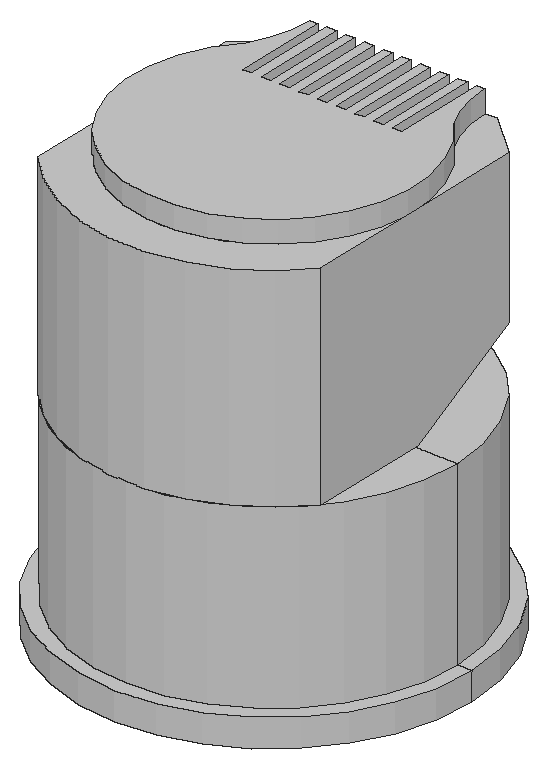
Revit family "LBLE3_SERIE IRON LEGO 03", category Luminarias, Revit 2019
Family settings
  Cota de conector redondo = Diámetro de uso
  Tipo de pieza = Normal
  Se basa en plano de trabajo = Sí
  Siempre vertical = Sí
  Corte con vacíos al cargar = No
  Origen de luz = Sí
  Compartido = No
  Punto de cálculo de habitación = No
Parameters (values of type "IRON LEGO 03_LBLE3 W18W24BCNY2RG")
  Ángulo de inclinación = 60.00°
  Ángulo de enfoque = 24.00°
  Ángulo de campo de foco = 24.00°
  Zone [instance] = ""
  Watt per fixture = 18
  Wattage = 18 W
  built-in parameter 1150107 = 3000 (stored number, unit not read)
  built-in parameter 1150110 = 1 (stored number, unit not read)
  built-in parameter 1150109 = 1 (stored number, unit not read)
  built-in parameter 1150112 = 1 (stored number, unit not read)
  built-in parameter 1150113 = 1 (stored number, unit not read)
  built-in parameter 1114218 = 1 (stored number, unit not read)
  Keynote = ""
  built-in parameter 1150137 = (empty or 0)
  built-in parameter 1150132 = (empty or 0)
  Modelo = "LBLE3 W18W24BCNY2RG"
  Lámpara = "Osram"
  Light Source Symbol Length = 3048 mm
  built-in parameter 1150105 = 17624.6 (stored number, unit not read)
  built-in parameter 1150102 = (empty or 0)
  built-in parameter 1150106 = 176.25 (stored number, unit not read)
  Lumens = 1747.8 lm
  Color Filter = 16777215
  built-in parameter 1114217 = 1 (stored number, unit not read)
  built-in parameter 1150139 = (empty or 0)
  Fabricante = "BRILLANT"
  Default Elevation = 1219.2 mm
  built-in parameter 1150104 = 9.0209 (stored number, unit not read)
  Descripción = "LUMINARIA TIPO CIRCULAR CON UN CORTE EXTERNO DE 95MM DE DIAMETRO , PARA EMPOTRAR EN TECHO CON INSTALACION ESTANDAR CON 106MM DE DIAMETRO POR 114MM DE HOUSING, CUERPO Y ANILLO EN COLOR BLANCO , IP 20 USO PARA INTERIORES, CUENTA CON 1 LED TIPO OSRAM CON UNA POTENCIA TOTAL DE 18W, A UNA TEMPERATURA EN BLANCO CALIDO 3000K, IRC 90, APERTURA A 24 GRADOS, CON LENTE PARA UNA LUZ SUAVE, ALIMENTADA A 100-240V."
  built-in parameter 1150115 = 1 (stored number, unit not read)
  built-in parameter 1150114 = 1 (stored number, unit not read)
  Comentarios de vataje = "100-240V"
  built-in parameter 1150138 = (empty or 0)
  built-in parameter 1150134 = (empty or 0)
  Circuit [instance] = ""
  Dimming Lamp Color Temperature Shift = (empty or 0)
  Longitud de símbolo de origen de luz = 3048 mm
Reference planes
  plane 1 "Centro (Frontal/Posterior)": y = 0
  plane 2: z = 0
  plane 3 "Centro (Izquierda/Derecha)": x = 0
Forms (mm)
  Revolve 1, solid, material "Acero Inoxidable"
    sketch origin (0, 0, 0) x (1, 0, 0) y (0, 0, 1)
      loop
        line (-53, 3.693) -> (-53, -3.75) -> (-51.344, -3.75) -> (-36.344, 11.25) -> (0, 11.25) -> (0, 51.82) -> (-49.098, 51.82) -> (-49.098, 3.693) -> (-53, 3.693)
      axis (0, -3.75) -> (0, 51.82)
    angle from 0 to 360
  Extrusion 2, solid, material "Acero Inoxidable"
    sketch origin (0, 0, 0) x (1, 0, 0) y (0, 1, 0)
      loop
        arc (-37.804, -31.327) -> (0, -49.098) -> (37.804, -31.327) r 49.098
        line (37.804, -31.327) -> (37.804, 31.327) -> (26.507, 41.327) -> (-26.507, 41.327) -> (-37.804, 31.327) -> (-37.804, -31.327)
    from 51.82 to 108.492
  Extrusion 3, void
    sketch origin (0, 0, 0) x (1, 0, 0) y (0, 1, 0)
      loop
        line (-21.273, 41.327) -> (-21.273, 16.327) -> (-18.727, 16.327) -> (-18.727, 41.327) -> (-21.273, 41.327)
      loop
        line (-16.273, 41.327) -> (-16.273, 16.327) -> (-13.727, 16.327) -> (-13.727, 41.327) -> (-16.273, 41.327)
      loop
        line (-11.273, 41.327) -> (-11.273, 16.327) -> (-8.727, 16.327) -> (-8.727, 41.327) -> (-11.273, 41.327)
      loop
        line (-6.273, 41.327) -> (-6.273, 16.327) -> (-3.727, 16.327) -> (-3.727, 41.327) -> (-6.273, 41.327)
      loop
        line (-1.273, 41.327) -> (-1.273, 16.327) -> (1.273, 16.327) -> (1.273, 41.327) -> (-1.273, 41.327)
      loop
        line (21.273, 41.327) -> (18.727, 41.327) -> (18.727, 16.327) -> (21.273, 16.327) -> (21.273, 41.327)
      loop
        line (16.273, 41.327) -> (13.727, 41.327) -> (13.727, 16.327) -> (16.273, 16.327) -> (16.273, 41.327)
      loop
        line (11.273, 41.327) -> (8.727, 41.327) -> (8.727, 16.327) -> (11.273, 16.327) -> (11.273, 41.327)
      loop
        line (6.273, 41.327) -> (3.727, 41.327) -> (3.727, 16.327) -> (6.273, 16.327) -> (6.273, 41.327)
    from 51.82 to 114.316
  Extrusion 4, solid, material "Acero Inoxidable"
    sketch origin (0, 0, 0) x (1, 0, 0) y (0, 1, 0)
      loop
        arc (-27.655, 25.776) -> (0, -37.804) -> (27.655, 25.776) r 37.804
        arc (27.655, 25.776) -> (24.503, 33.265) -> (23.488, 41.327) r 29.844
        line (23.488, 41.327) -> (-23.488, 41.327)
        arc (-23.488, 41.327) -> (-24.503, 33.265) -> (-27.655, 25.776) r 29.844
    from 108.492 to 114.316
  Extrusion 5, void
    sketch origin (0, 0, 0) x (0, 1, 0) y (0, 0, 1)
      loop
        line (46.026, 75.747) -> (1.026, 51.82) -> (46.026, 51.82) -> (46.026, 75.747)
    from -37.804 to 37.804
  Extrusion 6, solid, material "Acero Inoxidable"
    sketch origin (0, 0, 0) x (1, 0, 0) y (0, 1, 0)
      loop
        line (-32.068, 17.104) -> (-32.068, 1.026) -> (32.068, 1.026) -> (32.068, 17.104)
        arc (32.068, 17.104) -> (0, 36.344) -> (-32.068, 17.104) r 36.344
    from 51.82 to 73.248
Cuts and joins
  Extrusion 3, Extrusion 5 cuts Revolve 1
  Extrusion 3, Extrusion 5 cuts Extrusion 2
  Extrusion 3, Extrusion 5 cuts Extrusion 4
  joined: Extrusion 2, Extrusion 4, Extrusion 6
Dimensions and locks
  Revolve 1 sketch curve to Revolve 1 sketch curve = 53 mm
  Extrusion 4 to level = 114.316 mm
  diameter of cut or joined group of Revolve 1, Extrusion 3, Extrusion 5 = 106 mm
  aligned and locked: level to plane 2
Connectors
  electrical at (0, 29.3, 114.316)
    settings: on cut or joined group of Extrusion 2, Extrusion 3, Extrusion 4, Extrusion 5, Extrusion 6, index 1, voltage 240 V, apparent load 0 VA, apparent load phase1 0 VA, apparent load phase2 0 VA, apparent load phase3 0 VA, power factor 1, load classification "Otro", number of poles 1, system type 31, power factor state 1, is connector primary yes, connector utility no, sub classification motor no, connector description ""
